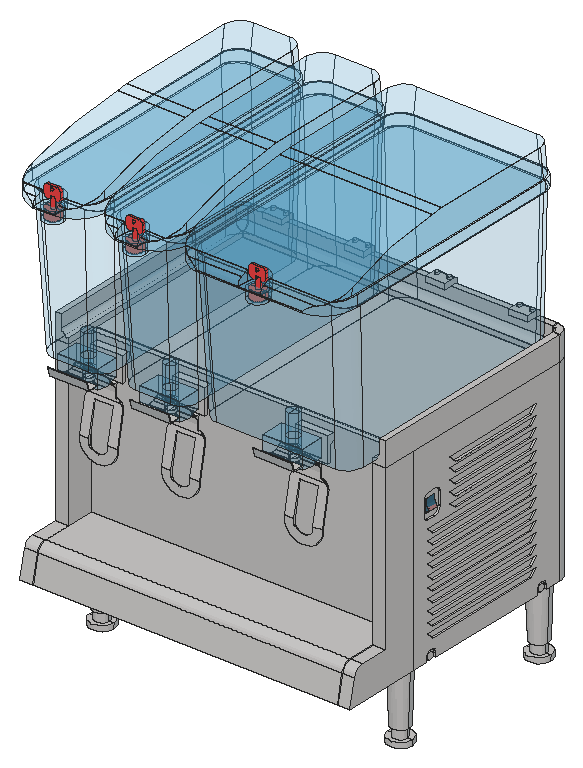
Revit family "QF_ELECTROLUXPROFESSIONAL_600930_ECS3D22UK", category Specialty Equipment, Revit 2018 (continued)
Definition of nested family "CS1-V2"
  Forms (mm)
    Extrusion 16, void
      sketch origin (0, -238.074, 0) x (-1, 0, 0) y (0, 0, 1)
        loop
          line (-16.464, 359.553) -> (-16.464, 399.609) -> (-36.464, 399.609) -> (-36.464, 259.609) -> (36.464, 259.609) -> (36.464, 399.609) -> (16.464, 399.609) -> (16.464, 359.553)
          arc (16.464, 359.553) -> (26.112, 354.705) -> (30, 344.632) r 14.993
          line (30, 344.632) -> (30, 288.469)
      from 79.263 to 108.929
    Extrusion 17, solid
      sketch origin (0, 0, 0) x (0, 1, 0) y (0, 0, 1)
        loop
          line (-133.507, 380.887) -> (-129.145, 380.887) -> (-129.145, 406.439) -> (-121.488, 410.009) -> (-121.488, 420.078) -> (-133.507, 420.078) -> (-133.507, 380.887)
      from -25 to 24.963
    Extrusion 18, solid
      sketch origin (0, 0, 0) x (0, 1, 0) y (0, 0, 1)
        loop
          line (192, 458) -> (212, 458) -> (212, 447.335) -> (215, 447.335) -> (215, 462.335)
          arc (215, 462.335) -> (213.865, 465.076) -> (211.123, 466.212) r 3.877
          line (211.123, 466.212) -> (192, 466.212) -> (192, 458)
      from -50 to -80
    Extrusion 19, solid
      sketch origin (-65, 0, 420) x (0, -1, 0) y (1, 0, 0)
        loop
          circle (-207, -10) r 3
        loop
          circle (-207, 10) r 3
      from 46.212 to 48.2
    Extrusion 20, solid
      sketch origin (0, 0, 0) x (0, 1, 0) y (0, 0, 1)
        loop
          line (192, 458) -> (212, 458) -> (212, 447.335) -> (215, 447.335) -> (215, 462.335)
          arc (215, 462.335) -> (213.865, 465.076) -> (211.123, 466.212) r 3.877
          line (211.123, 466.212) -> (192, 466.212) -> (192, 458)
      from 80 to 50
    Extrusion 21, solid
      sketch origin (65, 0, 420) x (0, -1, 0) y (1, 0, 0)
        loop
          circle (-207, -10) r 3
        loop
          circle (-207, 10) r 3
      from 46.212 to 48.2
  Cuts and joins
    Extrusion 4, Extrusion 6 cuts Blend 2
    Extrusion 5, Extrusion 6, Extrusion 7 cuts Extrusion 3
    Extrusion 7, Revolve 12 cuts Blend 1
    Extrusion 7 cuts Extrusion 8
    Revolve 12, Extrusion 16 cuts Extrusion 11
    Extrusion 16 cuts Extrusion 15
  Lines and regions (mm)
    symbolic lines
      curve 1: arc (-95, 192, 420) -> (-112.678, 184.678, 420) -> (-120, 167, 420) r 25
      curve 2: arc (-125.206, 167, 420) -> (-117.883, 184.678, 420) -> (-100.206, 192, 420) r 25
      curve 3: arc (-100, 194.9, 420) -> (-119.255, 187.191, 420) -> (-127.869, 168.323, 420) r 27.9
      curve 4: line (-100, 194.9, 420) -> (100, 194.9, 420)
      curve 5: arc (127.869, 168.323, 420) -> (119.255, 187.191, 420) -> (100, 194.9, 420) r 27.9
      curve 6: arc (99.794, 192, 420) -> (117.472, 184.678, 420) -> (124.794, 167, 420) r 25
      curve 7: arc (120, 167, 420) -> (112.678, 184.678, 420) -> (95, 192, 420) r 25
      curve 8: line (99.794, 192, 420) -> (-100.206, 192, 420)
      curve 9: line (-127.869, -201.845, 420) -> (-127.869, 168.323, 420)
      curve 10: line (-125.206, -210.038, 420) -> (-125.206, 167, 420)
      curve 11: line (-120, 167, 420) -> (-120, -26.39, 420)
      curve 12: line (120, -26.39, 420) -> (120, 167, 420)
      curve 13: line (124.794, 167, 420) -> (124.794, -210.038, 420)
      curve 14: line (127.869, 168.323, 420) -> (127.869, -201.845, 420)
      curve 15: line (-120, -26.39, 420) -> (120, -26.39, 420)
      curve 16: arc (-127.869, -201.845, 420) -> (-115.614, -236.607, 420) -> (-84.269, -256, 420) r 55.433
      curve 17: arc (-114.9, -237.968, 420) -> (-122.547, -224.923, 420) -> (-125.206, -210.038, 420) r 43
      curve 18: spline (-123.835, -207.457, 420) -> (-123.908, -210.163, 420) -> (-123.828, -212.865, 420) -> (-123.596, -215.554, 420) -> (-123.212, -218.224, 420) -> (-122.678, -220.866, 420) -> (-121.994, -223.473, 420) -> (-121.163, -226.037, 420) -> (-120.188, -228.551, 420) -> (-119.07, -231.008, 420) -> (-117.814, -233.401, 420) -> (-116.423, -235.723, 420) -> (-114.9, -237.968, 420)
      curve 19: arc (84.269, -256, 420) -> (115.614, -236.607, 420) -> (127.869, -201.845, 420) r 55.433
      curve 20: arc (124.794, -210.038, 420) -> (122.136, -224.923, 420) -> (114.489, -237.968, 420) r 43
      curve 21: spline (114.489, -237.968, 420) -> (116.021, -235.721, 420) -> (117.421, -233.396, 420) -> (118.687, -231.001, 420) -> (119.814, -228.543, 420) -> (120.798, -226.028, 420) -> (121.638, -223.463, 420) -> (122.331, -220.857, 420) -> (122.874, -218.216, 420) -> (123.267, -215.547, 420) -> (123.508, -212.86, 420) -> (123.596, -210.16, 420) -> (123.532, -207.457, 420)
      curve 22: line (124.794, 167, 420) -> (124.794, -210.038, 420)
      curve 23: line (-17.633, -256, 420) -> (-17.633, -238.074, 420)
      curve 24: line (13.327, -240.074, 420) -> (-13.327, -240.074, 420)
      curve 25: line (-13.327, -236.074, 420) -> (13.327, -236.074, 420)
      curve 26: line (17.633, -238.074, 420) -> (17.633, -256, 420)
      curve 27: line (84.269, -256, 420) -> (-84.269, -256, 420)
      curve 28: arc (2.777, -240.074, 420) -> (0, -241.496, 420) -> (-2.777, -240.074, 420) r 3.422
      curve 29: line (-120, -26.39, 420) -> (-123.835, -207.457, 420)
      curve 30: line (120, -26.39, 420) -> (123.532, -207.457, 420)
      curve 31: arc (17.633, -238.074, 420) -> (0, -220.441, 420) -> (-17.633, -238.074, 420) r 17.633
      curve 32: line (13.327, -240.074, 420) -> (13.327, -236.074, 420)
      curve 33: line (-13.327, -240.074, 420) -> (-13.327, -236.074, 420)
      curve 34: arc (-11.832, -236.074, 420) -> (0, -226.074, 420) -> (11.832, -236.074, 420) r 12
      curve 35: arc (11.832, -240.074, 420) -> (0, -250.074, 420) -> (-11.832, -240.074, 420) r 12
      curve 36: circle (0, -238.074, 420) r 15.757 normal (0, 0, -1)
      curve 37: arc (-2.777, -236.074, 420) -> (0, -234.652, 420) -> (2.777, -236.074, 420) r 3.422
      curve 38: line (-80, 194.9, 420) -> (-80, 215, 420)
      curve 39: line (-80, 215, 420) -> (-50, 215, 420)
      curve 40: line (-50, 215, 420) -> (-50, 194.9, 420)
      curve 41: circle (-75, 207, 420) r 3 normal (0, 0, -1)
      curve 42: circle (-55, 207, 420) r 3 normal (0, 0, 1)
      curve 43: line (80, 194.9, 420) -> (80, 215, 420)
      curve 44: line (80, 215, 420) -> (50, 215, 420)
      curve 45: line (50, 215, 420) -> (50, 194.9, 420)
      curve 46: circle (75, 207, 420) r 3 normal (0, 0, 1)
      curve 47: circle (55, 207, 420) r 3 normal (0, 0, -1)
  Dimensions and locks
    plane 4 "FEET" to level = 110.0 mm
    equal spacing: plane 6 "LEFT", plane 3 "Center (Left/Right)", plane 7 "RIGHT"
    plane 5 "BACK" to plane 1 "Center (Front/Back)" = 212.0 mm
    plane 6 "LEFT" to plane 7 "RIGHT" = 266.0 mm
    plane 7 "RIGHT" to plane 6 "LEFT" = 266.0 mm
    plane 5 "BACK" to plane 10 "FRONT" = 468.0 mm
    plane 9 "TOP" to level = 729.0 mm
    plane 8 "TopBase" to level = 420.0 mm
    radius of Extrusion 7 sketch curve = 12.0 mm
    aligned and locked: level to plane 2 "BASE"
  Automatic sketch dimensions
    Blend 1 sketch curve to plane 11 "Fillet" = 0.0 mm  (x2)
    Blend 1 sketch curve to Blend 1 sketch curve = 25.0 mm  (x3)
    plane 14 to Blend 1 sketch curve = 9.545 mm  (x2)
    plane 6 "LEFT" to Blend 1 sketch curve = 14.5 mm
    plane 7 "RIGHT" to Blend 1 sketch curve = 39.5 mm
    plane 7 "RIGHT" to Blend 1 sketch curve = 8.0 mm
    Blend 1 sketch curve to plane 11 "Fillet" = 25.0 mm  (x2)
    plane 6 "LEFT" to Blend 1 sketch curve = 8.0 mm
    plane 14 to Blend 1 sketch curve = 24.545 mm  (x2)
    plane 13 "Key" to Blend 1 sketch curve = 20.074 mm
    Blend 2 sketch curve to plane 11 "Fillet" = 0.0 mm  (x2)
    plane 6 "LEFT" to Blend 2 sketch curve = 7.794 mm
    Blend 2 sketch curve to plane 11 "Fillet" = 25.0 mm  (x3)
    Blend 2 sketch curve to Blend 2 sketch curve = 25.0 mm
    plane 13 "Key" to Blend 2 sketch curve = 28.035 mm  (x2)
    plane 7 "RIGHT" to Blend 2 sketch curve = 8.206 mm
    plane 10 "FRONT" to Blend 2 sketch curve = 2.962 mm
    plane 7 "RIGHT" to Blend 2 sketch curve = 13.0 mm
    plane 6 "LEFT" to Blend 2 sketch curve = 13.0 mm
    plane 14 to Blend 2 sketch curve = 31.683 mm  (x2)
    plane 10 "FRONT" to Blend 2 sketch curve = 5.862 mm
    Extrusion 3 sketch curve to plane 10 "FRONT" = 0.0 mm
    plane 14 to Extrusion 3 sketch curve = 33.389 mm  (x2)
    Extrusion 3 sketch curve to plane 11 "Fillet" = 25.0 mm  (x2)
    plane 6 "LEFT" to Extrusion 3 sketch curve = 5.131 mm
    Extrusion 3 sketch curve to plane 11 "Fillet" = 23.677 mm  (x2)
    plane 7 "RIGHT" to Extrusion 3 sketch curve = 5.131 mm
    plane 11 "Fillet" to Extrusion 3 sketch curve = 2.9 mm
    plane 6 "LEFT" to Extrusion 3 sketch curve = 48.731 mm
    Extrusion 3 sketch curve to Extrusion 3 sketch curve = 55.433 mm
    Extrusion 4 sketch curve to plane 10 "FRONT" = 0.0 mm
    plane 9 "TOP" to Extrusion 4 sketch curve = 0.0 mm
    plane 10 "FRONT" to Extrusion 4 sketch curve = 1.274 mm
    Extrusion 4 sketch curve to plane 13 "Key" = 0.619 mm
    plane 9 "TOP" to Extrusion 4 sketch curve = 0.989 mm
    plane 1 "Center (Front/Back)" to Extrusion 4 sketch curve = 45.263 mm
    Extrusion 4 sketch curve to Extrusion 4 sketch curve = 18.873 mm
    plane 1 "Center (Front/Back)" to Extrusion 4 sketch curve = 13.885 mm
    plane 9 "TOP" to Extrusion 4 sketch curve = 56.197 mm
    Extrusion 4 sketch curve to Extrusion 4 sketch curve = 3.5 mm
    Extrusion 4 sketch curve to Extrusion 4 sketch curve = 5.836 mm
    plane 4 "FEET" to Extrusion 4 sketch curve = 19.287 mm
    Extrusion 4 sketch curve to plane 9 "TOP" = 5.0 mm
    Extrusion 5 sketch curve to plane 10 "FRONT" = 0.0 mm
    Extrusion 5 sketch curve to plane 10 "FRONT" = 6.493 mm
    Extrusion 5 sketch curve to plane 13 "Key" = 6.081 mm
    plane 13 "Key" to Extrusion 5 sketch curve = 9.232 mm
    plane 1 "Center (Front/Back)" to Extrusion 5 sketch curve = 13.885 mm
    plane 4 "FEET" to Extrusion 5 sketch curve = 19.287 mm
    plane 9 "TOP" to Extrusion 5 sketch curve = 58.962 mm
    Extrusion 5 sketch curve to Extrusion 5 sketch curve = 18.935 mm
    Extrusion 6 sketch curve to plane 3 "Center (Left/Right)" = 0.0 mm
    Extrusion 6 sketch curve to plane 13 "Key" = 0.0 mm
    Extrusion 6 sketch curve to plane 10 "FRONT" = 0.0 mm
    Extrusion 6 sketch curve to plane 3 "Center (Left/Right)" = 17.633 mm
    Extrusion 7 sketch curve to plane 3 "Center (Left/Right)" = 0.0 mm
    Extrusion 7 sketch curve to plane 13 "Key" = 0.0 mm
    Extrusion 8 sketch curve to plane 3 "Center (Left/Right)" = 0.0 mm
    Extrusion 8 sketch curve to plane 13 "Key" = 0.0 mm
    Revolve 9 sketch curve to plane 3 "Center (Left/Right)" = 0.0 mm  (x2)
    Revolve 9 sketch curve to Revolve 9 sketch curve = 3.422 mm
    Revolve 9 sketch curve to Revolve 9 sketch curve = 12.0 mm
    plane 9 "TOP" to Revolve 9 sketch curve = 75.627 mm
    Revolve 9 sketch curve to Revolve 9 sketch curve = 13.627 mm
    Revolve 9 sketch curve to Revolve 9 sketch curve = 16.398 mm
    Revolve 9 sketch curve to Revolve 9 sketch curve = 2.303 mm
    plane 9 "TOP" to Revolve 9 sketch curve = 22.746 mm
    Extrusion 10 sketch curve to plane 3 "Center (Left/Right)" = 0.0 mm
    plane 3 "Center (Left/Right)" to Extrusion 10 sketch curve = 2.422 mm
    plane 3 "Center (Left/Right)" to Extrusion 10 sketch curve = 7.327 mm
    Extrusion 10 sketch curve to Extrusion 10 sketch curve = 4.905 mm  (x2)
    Extrusion 10 sketch curve to Extrusion 10 sketch curve = 6.0 mm  (x2)
    Extrusion 10 sketch curve to plane 3 "Center (Left/Right)" = 2.422 mm
    Extrusion 10 sketch curve to plane 3 "Center (Left/Right)" = 7.327 mm
    plane 9 "TOP" to Extrusion 10 sketch curve = 50.602 mm
    Extrusion 10 sketch curve to Extrusion 10 sketch curve = 0.0 mm
    Extrusion 10 sketch curve to Extrusion 10 sketch curve = 5.0 mm
    Extrusion 10 sketch curve to Extrusion 10 sketch curve = 8.0 mm
    Extrusion 10 sketch curve to Extrusion 10 sketch curve = 0.707 mm
    plane 8 "TopBase" to Extrusion 11 sketch curve = 8.0 mm
    plane 14 to Extrusion 11 sketch curve = 22.045 mm
    plane 14 to Extrusion 11 sketch curve = 5.651 mm
    Extrusion 11 sketch curve to plane 14 = 4.349 mm
    Extrusion 11 sketch curve to Extrusion 11 sketch curve = 4.499 mm  (x2)
    Extrusion 11 sketch curve to plane 14 = 15.339 mm
    Extrusion 11 sketch curve to plane 8 "TopBase" = 20.391 mm
    Extrusion 11 sketch curve to plane 8 "TopBase" = 22.0 mm
    Revolve 12 sketch curve to plane 14 = 0.0 mm  (x2)
    plane 14 to Revolve 12 sketch curve = 5.694 mm
    plane 14 to Revolve 12 sketch curve = 6.896 mm
    Revolve 12 sketch curve to Revolve 12 sketch curve = 9.871 mm
    Revolve 12 sketch curve to plane 8 "TopBase" = 32.0 mm
    Revolve 12 sketch curve to Revolve 12 sketch curve = 10.0 mm
    Revolve 12 sketch curve to plane 8 "TopBase" = 9.016 mm
    plane 8 "TopBase" to Revolve 12 sketch curve = 43.265 mm
    Revolve 12 sketch curve to Revolve 12 sketch curve = 0.0 mm
    Revolve 12 sketch curve to Revolve 12 sketch curve = 20.0 mm
    Revolve 13 sketch curve to plane 14 = 0.0 mm  (x2)
    Revolve 13 sketch curve to plane 14 = 5.0 mm
    Revolve 13 sketch curve to Revolve 13 sketch curve = 1.896 mm
    Revolve 13 sketch curve to plane 8 "TopBase" = 34.891 mm
    Revolve 13 sketch curve to Revolve 13 sketch curve = 10.0 mm
    Revolve 13 sketch curve to Revolve 13 sketch curve = 2.891 mm
    Revolve 13 sketch curve to Revolve 13 sketch curve = 7.275 mm
    Revolve 13 sketch curve to plane 8 "TopBase" = 9.016 mm
    Extrusion 14 sketch curve to plane 8 "TopBase" = 2.068 mm
    plane 13 "Key" to Extrusion 14 sketch curve = 26.654 mm
    Extrusion 14 sketch curve to plane 8 "TopBase" = 1.776 mm
    Extrusion 14 sketch curve to Extrusion 14 sketch curve = 0.956 mm
    Extrusion 14 sketch curve to Extrusion 14 sketch curve = 4.082 mm
    Extrusion 14 sketch curve to Extrusion 14 sketch curve = 0.74 mm
    Extrusion 14 sketch curve to Extrusion 14 sketch curve = 16.098 mm
    Extrusion 15 sketch curve to Extrusion 15 sketch curve = 0.0 mm  (x3)
    plane 14 to Extrusion 15 sketch curve = 26.535 mm
    Extrusion 15 sketch curve to plane 14 = 10.37 mm
    Extrusion 15 sketch curve to Extrusion 15 sketch curve = 1.305 mm
    Extrusion 15 sketch curve to plane 14 = 19.205 mm
    Extrusion 15 sketch curve to Extrusion 15 sketch curve = 1.0 mm  (x2)
    Extrusion 15 sketch curve to Extrusion 15 sketch curve = 16.592 mm
    Extrusion 15 sketch curve to Extrusion 15 sketch curve = 0.466 mm
    Extrusion 15 sketch curve to Extrusion 15 sketch curve = 2.352 mm
    Extrusion 15 sketch curve to Extrusion 15 sketch curve = 0.812 mm
    Extrusion 15 sketch curve to Extrusion 15 sketch curve = 0.98 mm
    Extrusion 15 sketch curve to Extrusion 15 sketch curve = 1.114 mm
    Extrusion 15 sketch curve to Extrusion 15 sketch curve = 4.417 mm
    Extrusion 15 sketch curve to Extrusion 15 sketch curve = 0.264 mm
    Extrusion 15 sketch curve to Extrusion 15 sketch curve = 2.731 mm
    plane 4 "FEET" to Extrusion 15 sketch curve = 149.609 mm
    Extrusion 15 sketch curve to Extrusion 15 sketch curve = 36.479 mm
    Extrusion 15 sketch curve to Extrusion 15 sketch curve = 0.1 mm
    Extrusion 15 sketch curve to Extrusion 15 sketch curve = 58.714 mm
    Extrusion 15 sketch curve to Extrusion 15 sketch curve = 0.198 mm
    Extrusion 15 sketch curve to plane 8 "TopBase" = 53.36 mm
    Extrusion 15 sketch curve to Extrusion 15 sketch curve = 1.594 mm
    Extrusion 15 sketch curve to Extrusion 15 sketch curve = 1.5 mm
    Extrusion 15 sketch curve to plane 8 "TopBase" = 20.391 mm
    Extrusion 16 sketch curve to Extrusion 16 sketch curve = 0.0 mm  (x3)
    Extrusion 16 sketch curve to plane 3 "Center (Left/Right)" = 0.0 mm
    plane 3 "Center (Left/Right)" to Extrusion 16 sketch curve = 15.0 mm
    Extrusion 16 sketch curve to Extrusion 16 sketch curve = 0.007 mm  (x2)
    plane 3 "Center (Left/Right)" to Extrusion 16 sketch curve = 16.464 mm
    Extrusion 16 sketch curve to Extrusion 16 sketch curve = 15.0 mm  (x2)
    Extrusion 16 sketch curve to Extrusion 16 sketch curve = 20.0 mm  (x2)
    Extrusion 16 sketch curve to plane 3 "Center (Left/Right)" = 15.0 mm
    Extrusion 16 sketch curve to plane 3 "Center (Left/Right)" = 16.464 mm
    plane 4 "FEET" to Extrusion 16 sketch curve = 149.609 mm
    Extrusion 16 sketch curve to Extrusion 16 sketch curve = 28.671 mm
    Extrusion 16 sketch curve to Extrusion 16 sketch curve = 0.19 mm
    Extrusion 16 sketch curve to Extrusion 16 sketch curve = 8.0 mm
    Extrusion 16 sketch curve to Extrusion 16 sketch curve = 56.163 mm
    Extrusion 16 sketch curve to Extrusion 16 sketch curve = 3.647 mm
    Extrusion 16 sketch curve to plane 8 "TopBase" = 20.391 mm  (x2)
    Extrusion 17 sketch curve to plane 14 = 34.948 mm
    Extrusion 17 sketch curve to Extrusion 17 sketch curve = 4.362 mm
    Extrusion 17 sketch curve to Extrusion 17 sketch curve = 7.657 mm
    Extrusion 17 sketch curve to plane 8 "TopBase" = 39.113 mm
    Extrusion 17 sketch curve to plane 8 "TopBase" = 13.561 mm
    Extrusion 17 sketch curve to Extrusion 17 sketch curve = 3.57 mm
    plane 8 "TopBase" to Extrusion 17 sketch curve = 0.078 mm
    Extrusion 18 sketch curve to plane 11 "Fillet" = 0.0 mm
    Extrusion 18 sketch curve to plane 5 "BACK" = 0.0 mm
    Extrusion 18 sketch curve to plane 5 "BACK" = 0.877 mm
    Extrusion 18 sketch curve to Extrusion 18 sketch curve = 3.0 mm
    plane 8 "TopBase" to Extrusion 18 sketch curve = 27.335 mm
    Extrusion 18 sketch curve to Extrusion 18 sketch curve = 10.665 mm
    Extrusion 18 sketch curve to Extrusion 18 sketch curve = 4.335 mm
    Extrusion 19 sketch curve to plane 5 "BACK" = 5.0 mm  (x2)
    plane 6 "LEFT" to Extrusion 19 sketch curve = 58.0 mm
    Extrusion 19 sketch curve to Extrusion 19 sketch curve = 20.0 mm
    Extrusion 20 sketch curve to plane 11 "Fillet" = 0.0 mm
    Extrusion 20 sketch curve to plane 5 "BACK" = 0.0 mm
    Extrusion 20 sketch curve to plane 5 "BACK" = 0.877 mm
    Extrusion 20 sketch curve to Extrusion 20 sketch curve = 3.0 mm
    plane 8 "TopBase" to Extrusion 20 sketch curve = 27.335 mm
    Extrusion 20 sketch curve to Extrusion 20 sketch curve = 10.665 mm
    Extrusion 20 sketch curve to Extrusion 20 sketch curve = 4.335 mm
    Extrusion 21 sketch curve to plane 5 "BACK" = 5.0 mm  (x2)
    plane 3 "Center (Left/Right)" to Extrusion 21 sketch curve = 55.0 mm
    Extrusion 21 sketch curve to Extrusion 21 sketch curve = 20.0 mm
    curve 28 to curve 31 = 0.0 mm
    curve 28 to curve 34 = 0.0 mm  (x2)
    curve 28 to curve 35 = 0.0 mm  (x2)
    curve 28 to curve 36 = 0.0 mm
    curve 28 to curve 37 = 0.0 mm
    curve 31 to curve 37 = 0.0 mm
    curve 35 to curve 36 = 0.0 mm
    curve 36 to curve 37 = 0.0 mm
    curve 8 to plane 11 "Fillet" = 0.0 mm
    curve 34 to plane 3 "Center (Left/Right)" = 0.0 mm
    curve 34 to plane 13 "Key" = 0.0 mm
    curve 26 to plane 10 "FRONT" = 0.0 mm
    plane 11 "Fillet" to curve 4 = 2.9 mm
    curve 47 to plane 5 "BACK" = 5.0 mm
    curve 41 to plane 5 "BACK" = 5.0 mm
    curve 42 to plane 5 "BACK" = 5.0 mm
    curve 46 to plane 5 "BACK" = 5.0 mm
    plane 5 "BACK" to curve 44 = 3.0 mm
    plane 5 "BACK" to curve 40 = 3.0 mm
    plane 7 "RIGHT" to curve 14 = 5.131 mm
    curve 14 to plane 11 "Fillet" = 23.677 mm
    plane 6 "LEFT" to curve 9 = 5.131 mm
    curve 9 to plane 11 "Fillet" = 23.677 mm
    curve 7 to curve 7 = 25.0 mm
    curve 3 to curve 10 = 1.323 mm
    curve 7 to curve 5 = 0.0 mm
    curve 2 to curve 3 = 0.0 mm
    curve 2 to curve 11 = 0.0 mm
    curve 5 to curve 13 = 1.323 mm
    plane 7 "RIGHT" to curve 12 = 13.0 mm
    plane 1 "Center (Front/Back)" to curve 12 = 26.39 mm
    plane 14 to curve 19 = 33.389 mm
    plane 14 to curve 9 = 33.389 mm
    plane 6 "LEFT" to curve 29 = 9.165 mm
    curve 16 to curve 29 = 5.612 mm
    plane 7 "RIGHT" to curve 30 = 9.468 mm
    curve 19 to curve 30 = 5.612 mm
    curve 29 to curve 10 = 2.581 mm
    curve 30 to curve 22 = 2.581 mm
    plane 13 "Key" to curve 25 = 2.0 mm
    curve 32 to plane 13 "Key" = 2.0 mm
    curve 10 to curve 29 = 1.37 mm
    plane 6 "LEFT" to curve 29 = 13.0 mm
    plane 6 "LEFT" to curve 27 = 48.731 mm
    curve 17 to curve 16 = 9.77 mm
    curve 1 to curve 38 = 15.0 mm
    curve 38 to curve 41 = 5.0 mm
    curve 41 to curve 42 = 20.0 mm
    curve 42 to curve 40 = 5.0 mm
    curve 23 to curve 28 = 17.633 mm
    curve 23 to curve 33 = 4.306 mm
    curve 32 to curve 31 = 4.306 mm
    plane 3 "Center (Left/Right)" to curve 44 = 50.0 mm
    curve 44 to curve 47 = 5.0 mm
    curve 19 to curve 21 = 51.096 mm
    curve 47 to curve 46 = 20.0 mm
    curve 46 to curve 44 = 5.0 mm
    curve 19 to curve 20 = 9.359 mm
    curve 8 to curve 5 = 0.206 mm
    curve 16 to curve 18 = 6.764 mm
    curve 19 to curve 21 = 6.913 mm
    curve 20 to curve 21 = 9.411 mm
    curve 10 to curve 18 = 12.185 mm
    plane 13 "Key" to curve 17 = 0.106 mm
    plane 13 "Key" to curve 20 = 0.106 mm
    curve 25 to curve 34 = 1.495 mm
    curve 24 to curve 35 = 1.495 mm
    curve 28 to plane 3 "Center (Left/Right)" = 2.777 mm
    curve 37 to plane 3 "Center (Left/Right)" = 2.777 mm
    radius of Extrusion 8 sketch curve = 15.757 mm
    radius of Extrusion 10 sketch curve = 3.0 mm
    radius of Extrusion 19 sketch curve = 3.0 mm  (x2)
    radius of Extrusion 21 sketch curve = 3.0 mm  (x2)
    radius of curve 36 = 15.757 mm
    radius of curve 41 = 3.0 mm
    radius of curve 42 = 3.0 mm
    radius of curve 46 = 3.0 mm
    radius of curve 47 = 3.0 mm
